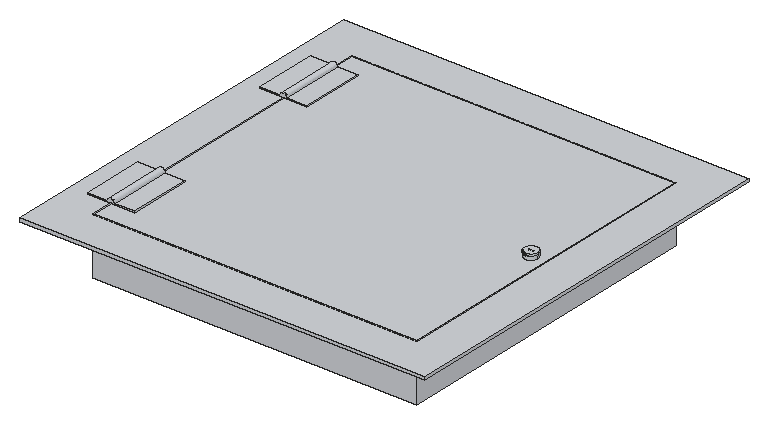
Revit family "MI-SADH", category Generic Models, host Face, Revit 2026
Family settings
  Host = Face
  Can host rebar = No
  Round Connector Dimension = Use Diameter
  Part Type = Normal
  Cut with Voids When Loaded = No
  Maintain Annotation Orientation = No
  Shared = No
  Room Calculation Point = No
Parameters (values of type "MI-SADH-12"x12"")
  Width = 1' - 0"
  URL = "WWW.MIFAB.COM"
  Model = "MI-SADH"
  Material = none
  Manufacturer = "MIFAB"
  Height = 1' - 0"
  Description = "HIGH SECURITY ACCESS DOOR"
  Default Elevation = 4' - 0"
Types (9): name | Width | Height
  (no name) | 1' - 0" | 1' - 0"
  MI-SADH-12"x12" | 1' - 0" | 1' - 0"
  MI-SADH-16"x16" | 1' - 4" | 1' - 4"
  MI-SADH-18"x18" | 1' - 6" | 1' - 6"
  MI-SADH-24"x24" | 2' - 0" | 2' - 0"
  MI-SADH-24"x36" | 2' - 0" | 3' - 0"
  MI-SADH-24"x48" | 2' - 0" | 4' - 0"
  MI-SADH-36"x36" | 3' - 0" | 3' - 0"
  MI-SADH-36"x48" | 3' - 0" | 4' - 0"
Reference planes (in)
  plane 1 "Center (Front/Back)": y = 0
  plane 2: z = 0
  plane 3 "Center (Left/Right)": x = 0
  plane 4: x = -6
  plane 5: x = 6
  plane 6: y = 6
  plane 7: y = -6
  plane 8 "1": x = 5.4375
  plane 9: x = 7.5
  plane 10: x = -7.5
  plane 11: y = 7.5
  plane 12: y = -7.5
  plane 13: z = 0.31435
  plane 14 "2": z = -2
  plane 15: z = 0.10937
Forms (in)
  Extrusion 1, void
    sketch origin (0, 0, 0) x (1, 0, 0) y (0, 1, 0)
      loop
        line (-6.11811, 6.11811) -> (-6.11811, -6.11811) -> (6.11811, -6.11811) -> (6.11811, 6.11811) -> (-6.11811, 6.11811)
    from -2 to 0
  Sweep 2, solid, material <- "Material"
    path origin (0, 0, 0.07812) x (1, 0, 0) y (0, 1, 0)
      loop
        line (6, 6) -> (-6, 6) -> (-6, -6) -> (6, -6) -> (6, 6)
    profile origin (6, 0, 0.07812) x (1, 0, 0) y (0, 0, 1)
      loop
        line (-0.11648, -2.07812) -> (0, -2.07812) -> (0, 0.03125) -> (-0.11648, 0.03125) -> (-0.11648, -2.07812)
  Sweep 3, solid, material <- "Material"
    path origin (0, 0, 0.07812) x (1, 0, 0) y (0, 1, 0)
      loop
        line (6, 6) -> (-6, 6) -> (-6, -6) -> (6, -6) -> (6, 6)
    profile origin (6, 0, 0.07812) x (1, 0, 0) y (0, 0, 1)
      loop
        line (-0.37646, -0.07813) -> (-0.37646, -0.12527) -> (-0.16431, -0.12527) -> (-0.16431, -0.31211) -> (-0.11648, -0.31211) -> (-0.11648, -0.07813) -> (-0.37646, -0.07813)
  Extrusion 4, solid, material <- "Material"
    sketch origin (0, 0, 0.07812) x (1, 0, 0) y (0, 1, 0)
      loop
        line (-5.88352, 5.88352) -> (-5.88352, -5.88352) -> (5.88352, -5.88352) -> (5.88352, 5.88352) -> (-5.88352, 5.88352)
    from -0.07813 to 0.03125
  Sweep 5, solid
    path origin (0, 0, 0.07812) x (1, 0, 0) y (0, 1, 0)
      loop
        line (7.5, 7.5) -> (-7.5, 7.5) -> (-7.5, -7.5) -> (7.5, -7.5) -> (7.5, 7.5)
    profile origin (7.5, 0, 0.07812) x (1, 0, 0) y (0, 0, 1)
      loop
        line (0, 0.03125) -> (-1.5, 0.03125) -> (-1.5, -0.07812) -> (0, -0.07812) -> (0, 0.03125)
Cuts and joins
  joined: Sweep 2, Extrusion 4
Dimensions and locks (in)
  equal spacing: plane 7, plane 1 "Center (Front/Back)", plane 6
  "Height": plane 7 to plane 6
  equal spacing: plane 4, plane 3 "Center (Left/Right)", plane 5
  "Width": plane 4 to plane 5
  locked: plane 8 "1" to plane 5 at 0.5625
  locked: plane 5 to plane 9 at 1.5
  locked: plane 10 to plane 4 at 1.5
  locked: plane 12 to plane 7 at 1.5
  locked: plane 11 to plane 6 at 1.5
  locked: plane 13 to profile plane at 0.23622
  locked: plane 2 to plane 14 "2" at 2
  plane 9 to plane 5 = 0' - 1 1/2"
  locked: nested 2 to plane 6 at 2
  locked: plane 7 to nested 3 at 2
  aligned and locked: plane 2 to host face
  aligned and locked: level to host face
  aligned and locked: plane 2 to Extrusion 1
  aligned and locked: profile plane to Sweep 5 sketch curve
  aligned and locked: Extrusion 1 to Sweep 2
  aligned and locked: plane 14 "2" to Sweep 2 sketch curve
  aligned and locked: nested 1 to plane 8 "1"
  aligned and locked: plane 15 to Sweep 5 sketch curve
  aligned and locked: plane 5 to Sweep 5 sketch curve
  aligned and locked: plane 15 to Sweep 2 sketch curve
  aligned and locked: Sweep 2 to Sweep 3 sketch curve
  aligned and locked: Sweep 3 sketch curve to host face
  aligned and locked: Extrusion 4 to Sweep 2  (x4)
  aligned and locked: plane 4 to nested 2
  aligned and locked: plane 4 to nested 3
Automatic sketch dimensions
  host sketch curve to host sketch curve = 4' - 11.74118"
  host sketch curve to host sketch curve = 5' - 7 67/256"
  Extrusion 1 sketch curve to plane 4 = 0' - 0.11811"
  Extrusion 1 sketch curve to plane 5 = 0' - 0.11811"
  plane 7 to Extrusion 1 sketch curve = 0' - 0.11811"
  plane 6 to Extrusion 1 sketch curve = 0' - 0.11811"
  Sweep 2 sketch curve to plane 4 = 0' - 0"
  Sweep 2 sketch curve to plane 5 = 0' - 0"
  plane 7 to Sweep 2 sketch curve = 0' - 0"
  Sweep 2 sketch curve to plane 6 = 0' - 0"
  profile plane to Sweep 2 sketch curve = 0' - 0"
  Sweep 2 sketch curve to Sweep 2 sketch curve = 0' - 0.11648"
  Sweep 3 sketch curve to plane 4 = 0' - 0"
  Sweep 3 sketch curve to plane 5 = 0' - 0"
  plane 7 to Sweep 3 sketch curve = 0' - 0"
  Sweep 3 sketch curve to plane 6 = 0' - 0"
  Sweep 3 sketch curve to Sweep 3 sketch curve = 0' - 0.04782"
  Sweep 3 sketch curve to Sweep 3 sketch curve = 0' - 0.21216"
  Sweep 3 sketch curve to Sweep 3 sketch curve = 0' - 0.04715"
  Sweep 3 sketch curve to Sweep 3 sketch curve = 0' - 0.18684"
  plane 4 to Extrusion 4 sketch curve = 0' - 0.11648"
  plane 5 to Extrusion 4 sketch curve = 0' - 0.11648"
  Extrusion 4 sketch curve to plane 7 = 0' - 0.11648"
  Extrusion 4 sketch curve to plane 6 = 0' - 0.11648"
  Sweep 5 sketch curve to plane 10 = 0' - 0"
  Sweep 5 sketch curve to plane 9 = 0' - 0"
  plane 12 to Sweep 5 sketch curve = 0' - 0"
  Sweep 5 sketch curve to plane 11 = 0' - 0"
  Sweep 5 sketch curve to profile plane = 0' - 0 5/64"
Nested families (in)
  nested 1: "Handle" at (5.4375, 0, 0.10937), type "Handle"
  nested 2: "Breck" at (-6, 4, 0.10937), type "Breck"
  nested 3: "Breck" at (-6, -4, 0.10937), type "Breck"
Definition of nested family "Handle"
  Parameters (values of type "Handle")
    Material = none
    Default Elevation = 4' - 0"
  Reference planes (in)
    plane 1 "Center (Front/Back)": y = 0
    plane 2: z = 0
    plane 3 "Center (Left/Right)": x = 0
    plane 4: z = 0.46152
  Forms (in)
    Extrusion 1, solid
      sketch origin (0, 0, 0) x (1, 0, 0) y (0, 1, 0)
        loop
          line (-48, 48) -> (-48, -48) -> (48, -48) -> (48, 48) -> (-48, 48)
      from 0 to -12
    Revolve 2, solid
      sketch origin (0, 0, 0) x (1, 0, 0) y (0, 0, 1)
        loop
          line (0, 0) -> (0.25, 0) -> (0.25, 0.12907)
          arc (0.25, 0.12907) -> (0.24341, 0.14499) -> (0.22749, 0.15158) r 0.02251
          line (0.22749, 0.15158) -> (0, 0.15158) -> (0, 0)
        axis (0, 0) -> (0, 0.15158)
      angle from 0 to 360
    Extrusion 3, solid
      sketch origin (-3.78692, 0, -0.49918) x (1, 0, 0) y (0, 1, 0)
        loop
          circle (3.78692, 0) r 0.25
        loop
          line (3.70895, 0.01538) -> (3.70895, -0.01537) -> (3.86488, -0.01537) -> (3.86488, 0.01538) -> (3.70895, 0.01538)
      from 0.64964 to 0.6877
  Dimensions and locks (in)
    aligned and locked: plane 2 to Extrusion 1
    aligned and locked: level to Extrusion 1
Definition of nested family "Breck"
  Parameters (values of type "Breck")
    Material = none
    Default Elevation = 4' - 0"
  Reference planes (in)
    plane 1 "Center (Front/Back)": y = 0
    plane 2: z = 0
    plane 3 "Center (Left/Right)": x = 0
    plane 4: x = -0.875
    plane 5: x = 0.875
  Forms (in)
    Extrusion 1, solid
      sketch origin (0, 0, 0) x (1, 0, 0) y (0, 1, 0)
        loop
          line (-48, 48) -> (-48, -48) -> (48, -48) -> (48, 48) -> (-48, 48)
      from 0 to -12
    Extrusion 2, solid
      sketch origin (0, 0.33389, 0) x (1, 0, 0) y (0, 0, 1)
        loop
          line (-0.875, 0) -> (0.875, 0) -> (0.875, 0.03937) -> (0.12548, 0.03937)
          arc (0.12548, 0.03937) -> (0, 0.16485) -> (-0.12548, 0.03937) r 0.12548
          line (-0.12548, 0.03937) -> (-0.875, 0.03937) -> (-0.875, 0)
      from -0.83222 to 1.5
  Dimensions and locks (in)
    aligned and locked: plane 2 to Extrusion 1
    aligned and locked: level to Extrusion 1
